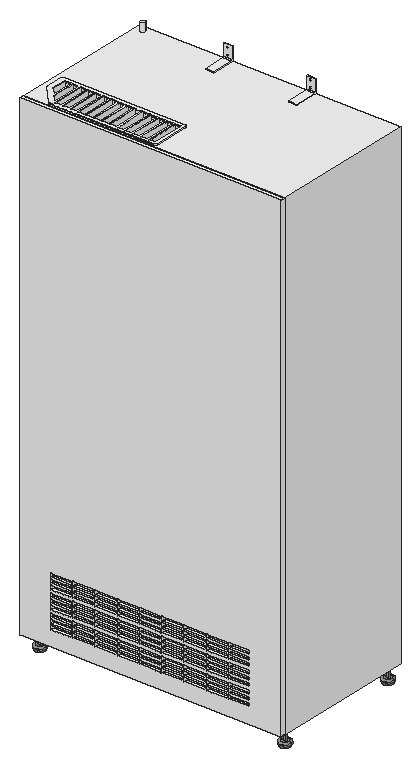
Revit family "AM 950 F HH", category Mechanical Equipment, Revit 2019
Family settings
  Round Connector Dimension = Use Diameter
  Part Type = Normal
  OmniClass Number = 23.75.00.00
  OmniClass Title = Climate Control (HVAC)
  Work Plane-Based = No
  Always vertical = Yes
  Cut with Voids When Loaded = No
  Shared = No
  Room Calculation Point = No
Parameters
  Weight (Standard Unit) = 301.5  # constant formula
  Water Heater Surface Return = 15 mm  # constant formula
  Water Heater Surface IN = 15 mm  # constant formula
  Version = "1.0"
  URL = "www.airmaster-as.com"
  Total Width = 1150 mm  # constant formula
  Total Hight = 2121 mm  # constant formula
  Suply Air In = 315 mm  # constant formula
  Publication date = "16.06.2025"
  Nominal current, electrical preheating surface = "10,0 A"
  Nominal current, electrical comfort heating surface = "7,39 A"
  Maximum current, air handling unit = "2.76 A"
  Network Conection = "AWG 24 CAT 5e STP"
  Model = "AM 950 F HH"
  Max. flow rate 35 dB(A) with ePM10 55% filters = 912.00 m³  # constant formula
  Max. flow rate 35 dB(A) with ePM10 50% filters = 915.00 m³  # constant formula
  Max. flow rate 30 dB(A) with ePM10 55% filters = 715.00 m³  # constant formula
  Max. flow rate 30 dB(A) with ePM10 50% filters = 730.00 m³  # constant formula
  Manufacturer = "Airmaster A/S"
  Maintenance [instance] = no
  Exhaust Air = 315 mm  # constant formula
  Total Depth = 660 mm  # constant formula
  Electrical connection = "220-240V/50Hz, ~1N+PE or 220-240V/50Hz, ~3N+PE"
  Drawn By = "LSB"
  Data sheet = ""
  Condensate conector = "Ø6/9 mm"
  Condensate = 9 mm  # constant formula
  BMS Panel = "(PTS) 2x2x0,6"
  BMS Out = "(PTS) 2x2x0,6"
  BMS IN = "(PTS) 2x2x0,6"
  Airflow area [instance] = no
Reference planes
  plane 1 "Center (Front/Back)": y = 0
  plane 2: z = 0
  plane 3 "Center (Left/Right)": x = 0
  plane 4 "Center L/S": y = -660
  plane 5 "Center L/T": x = -575
  plane 6 "Center L/U": x = 575
  plane 7: y = -26
Forms (mm)
  Extrusion 1, solid, material "AM White"
    sketch origin (0, 0, 73.598) x (1, 0, 0) y (0, 1, 0)
      loop
        line (-575, 0) -> (-575, -640) -> (575, -640) -> (575, 0) -> (-575, 0)
    from 0 to 2120
  Extrusion 2, solid, material "AM White", detail levels fine
    sketch origin (0, -660, 73.598) x (1, 0, 0) y (0, 0, -1)
      loop
        arc (-572.5, 0) -> (-574.268, -0.732) -> (-575, -2.5) r 2.5
        line (-575, -2.5) -> (-575, -2117.5)
        arc (-575, -2117.5) -> (-574.268, -2119.268) -> (-572.5, -2120) r 2.5
        line (-572.5, -2120) -> (572.5, -2120)
        arc (572.5, -2120) -> (574.268, -2119.268) -> (575, -2117.5) r 2.5
        line (575, -2117.5) -> (575, -2.5)
        arc (575, -2.5) -> (574.268, -0.732) -> (572.5, 0) r 2.5
        line (572.5, 0) -> (-572.5, 0)
    from 0 to 20
  Extrusion 3, solid, material "AM White", detail levels fine
    sketch origin (-164, -474.5, 72.198) x (0, 1, 0) y (0, 0, -1)
      loop
        arc (474.5, -2128.4) -> (472.743, -2124.157) -> (468.5, -2122.4) r 6
        line (468.5, -2122.4) -> (369.5, -2122.4) -> (369.5, -2125.4) -> (468.5, -2125.4)
        arc (468.5, -2125.4) -> (470.621, -2126.279) -> (471.5, -2128.4) r 3
        line (471.5, -2128.4) -> (471.5, -2181.4) -> (474.5, -2181.4) -> (474.5, -2128.4)
    from 0 to 38
  Extrusion 4, solid, material "AM White", detail levels fine
    sketch origin (202, -474.5, 72.198) x (0, 1, 0) y (0, 0, -1)
      loop
        arc (474.5, -2128.4) -> (472.743, -2124.157) -> (468.5, -2122.4) r 6
        line (468.5, -2122.4) -> (369.5, -2122.4) -> (369.5, -2125.4) -> (468.5, -2125.4)
        arc (468.5, -2125.4) -> (470.621, -2126.279) -> (471.5, -2128.4) r 3
        line (471.5, -2128.4) -> (471.5, -2181.4) -> (474.5, -2181.4) -> (474.5, -2128.4)
    from 0 to 38
  Extrusion 5, void
    sketch origin (0, -660, 108.598) x (1, 0, 0) y (0, 0, -1)
      loop
        arc (-438.016, -35) -> (-438.712, -35.288) -> (-439, -35.984) r 0.984
        line (-439, -35.984) -> (-439, -53.016)
        arc (-439, -53.016) -> (-438.712, -53.712) -> (-438.016, -54) r 0.984
        line (-438.016, -54) -> (-346.984, -54)
        arc (-346.984, -54) -> (-346.288, -53.712) -> (-346, -53.016) r 0.984
        line (-346, -53.016) -> (-346, -35.984)
        arc (-346, -35.984) -> (-346.288, -35.288) -> (-346.984, -35) r 0.984
        line (-346.984, -35) -> (-438.016, -35)
      loop
        arc (-438.016, -59) -> (-438.712, -59.288) -> (-439, -59.984) r 0.984
        line (-439, -59.984) -> (-439, -77.016)
        arc (-439, -77.016) -> (-438.712, -77.712) -> (-438.016, -78) r 0.984
        line (-438.016, -78) -> (-346.984, -78)
        arc (-346.984, -78) -> (-346.288, -77.712) -> (-346, -77.016) r 0.984
        line (-346, -77.016) -> (-346, -59.984)
        arc (-346, -59.984) -> (-346.288, -59.288) -> (-346.984, -59) r 0.984
        line (-346.984, -59) -> (-438.016, -59)
      loop
        arc (-438.016, -83) -> (-438.712, -83.288) -> (-439, -83.984) r 0.984
        line (-439, -83.984) -> (-439, -101.016)
        arc (-439, -101.016) -> (-438.712, -101.712) -> (-438.016, -102) r 0.984
        line (-438.016, -102) -> (-346.984, -102)
        arc (-346.984, -102) -> (-346.288, -101.712) -> (-346, -101.016) r 0.984
        line (-346, -101.016) -> (-346, -83.984)
        arc (-346, -83.984) -> (-346.288, -83.288) -> (-346.984, -83) r 0.984
        line (-346.984, -83) -> (-438.016, -83)
      loop
        arc (-438.016, -114) -> (-438.712, -114.288) -> (-439, -114.984) r 0.984
        line (-439, -114.984) -> (-439, -132.016)
        arc (-439, -132.016) -> (-438.712, -132.712) -> (-438.016, -133) r 0.984
        line (-438.016, -133) -> (-346.984, -133)
        arc (-346.984, -133) -> (-346.288, -132.712) -> (-346, -132.016) r 0.984
        line (-346, -132.016) -> (-346, -114.984)
        arc (-346, -114.984) -> (-346.288, -114.288) -> (-346.984, -114) r 0.984
        line (-346.984, -114) -> (-438.016, -114)
      loop
        arc (-438.016, -138) -> (-438.712, -138.288) -> (-439, -138.984) r 0.984
        line (-439, -138.984) -> (-439, -156.016)
        arc (-439, -156.016) -> (-438.712, -156.712) -> (-438.016, -157) r 0.984
        line (-438.016, -157) -> (-346.984, -157)
        arc (-346.984, -157) -> (-346.288, -156.712) -> (-346, -156.016) r 0.984
        line (-346, -156.016) -> (-346, -138.984)
        arc (-346, -138.984) -> (-346.288, -138.288) -> (-346.984, -138) r 0.984
        line (-346.984, -138) -> (-438.016, -138)
      loop
        arc (-438.016, -162) -> (-438.712, -162.288) -> (-439, -162.984) r 0.984
        line (-439, -162.984) -> (-439, -180.016)
        arc (-439, -180.016) -> (-438.712, -180.712) -> (-438.016, -181) r 0.984
        line (-438.016, -181) -> (-346.984, -181)
        arc (-346.984, -181) -> (-346.288, -180.712) -> (-346, -180.016) r 0.984
        line (-346, -180.016) -> (-346, -162.984)
        arc (-346, -162.984) -> (-346.288, -162.288) -> (-346.984, -162) r 0.984
        line (-346.984, -162) -> (-438.016, -162)
      loop
        arc (-438.016, -193) -> (-438.712, -193.288) -> (-439, -193.984) r 0.984
        line (-439, -193.984) -> (-439, -211.016)
        arc (-439, -211.016) -> (-438.712, -211.712) -> (-438.016, -212) r 0.984
        line (-438.016, -212) -> (-346.984, -212)
        arc (-346.984, -212) -> (-346.288, -211.712) -> (-346, -211.016) r 0.984
        line (-346, -211.016) -> (-346, -193.984)
        arc (-346, -193.984) -> (-346.288, -193.288) -> (-346.984, -193) r 0.984
        line (-346.984, -193) -> (-438.016, -193)
      loop
        arc (-438.016, -217) -> (-438.712, -217.288) -> (-439, -217.984) r 0.984
        line (-439, -217.984) -> (-439, -235.016)
        arc (-439, -235.016) -> (-438.712, -235.712) -> (-438.016, -236) r 0.984
        line (-438.016, -236) -> (-346.984, -236)
        arc (-346.984, -236) -> (-346.288, -235.712) -> (-346, -235.016) r 0.984
        line (-346, -235.016) -> (-346, -217.984)
        arc (-346, -217.984) -> (-346.288, -217.288) -> (-346.984, -217) r 0.984
        line (-346.984, -217) -> (-438.016, -217)
      loop
        arc (-438.016, -241) -> (-438.712, -241.288) -> (-439, -241.984) r 0.984
        line (-439, -241.984) -> (-439, -259.016)
        arc (-439, -259.016) -> (-438.712, -259.712) -> (-438.016, -260) r 0.984
        line (-438.016, -260) -> (-346.984, -260)
        arc (-346.984, -260) -> (-346.288, -259.712) -> (-346, -259.016) r 0.984
        line (-346, -259.016) -> (-346, -241.984)
        arc (-346, -241.984) -> (-346.288, -241.288) -> (-346.984, -241) r 0.984
        line (-346.984, -241) -> (-438.016, -241)
      loop
        arc (-340.016, -35) -> (-340.712, -35.288) -> (-341, -35.984) r 0.984
        line (-341, -35.984) -> (-341, -53.016)
        arc (-341, -53.016) -> (-340.712, -53.712) -> (-340.016, -54) r 0.984
        line (-340.016, -54) -> (-248.984, -54)
        arc (-248.984, -54) -> (-248.288, -53.712) -> (-248, -53.016) r 0.984
        line (-248, -53.016) -> (-248, -35.984)
        arc (-248, -35.984) -> (-248.288, -35.288) -> (-248.984, -35) r 0.984
        line (-248.984, -35) -> (-340.016, -35)
      loop
        arc (-340.016, -59) -> (-340.712, -59.288) -> (-341, -59.984) r 0.984
        line (-341, -59.984) -> (-341, -77.016)
        arc (-341, -77.016) -> (-340.712, -77.712) -> (-340.016, -78) r 0.984
        line (-340.016, -78) -> (-248.984, -78)
        arc (-248.984, -78) -> (-248.288, -77.712) -> (-248, -77.016) r 0.984
        line (-248, -77.016) -> (-248, -59.984)
        arc (-248, -59.984) -> (-248.288, -59.288) -> (-248.984, -59) r 0.984
        line (-248.984, -59) -> (-340.016, -59)
      loop
        arc (-340.016, -83) -> (-340.712, -83.288) -> (-341, -83.984) r 0.984
        line (-341, -83.984) -> (-341, -101.016)
        arc (-341, -101.016) -> (-340.712, -101.712) -> (-340.016, -102) r 0.984
        line (-340.016, -102) -> (-248.984, -102)
        arc (-248.984, -102) -> (-248.288, -101.712) -> (-248, -101.016) r 0.984
        line (-248, -101.016) -> (-248, -83.984)
        arc (-248, -83.984) -> (-248.288, -83.288) -> (-248.984, -83) r 0.984
        line (-248.984, -83) -> (-340.016, -83)
      loop
        arc (-340.016, -114) -> (-340.712, -114.288) -> (-341, -114.984) r 0.984
        line (-341, -114.984) -> (-341, -132.016)
        arc (-341, -132.016) -> (-340.712, -132.712) -> (-340.016, -133) r 0.984
        line (-340.016, -133) -> (-248.984, -133)
        arc (-248.984, -133) -> (-248.288, -132.712) -> (-248, -132.016) r 0.984
        line (-248, -132.016) -> (-248, -114.984)
        arc (-248, -114.984) -> (-248.288, -114.288) -> (-248.984, -114) r 0.984
        line (-248.984, -114) -> (-340.016, -114)
      loop
        arc (-340.016, -138) -> (-340.712, -138.288) -> (-341, -138.984) r 0.984
        line (-341, -138.984) -> (-341, -156.016)
        arc (-341, -156.016) -> (-340.712, -156.712) -> (-340.016, -157) r 0.984
        line (-340.016, -157) -> (-248.984, -157)
        arc (-248.984, -157) -> (-248.288, -156.712) -> (-248, -156.016) r 0.984
        line (-248, -156.016) -> (-248, -138.984)
        arc (-248, -138.984) -> (-248.288, -138.288) -> (-248.984, -138) r 0.984
        line (-248.984, -138) -> (-340.016, -138)
      loop
        arc (-340.016, -162) -> (-340.712, -162.288) -> (-341, -162.984) r 0.984
        line (-341, -162.984) -> (-341, -180.016)
        arc (-341, -180.016) -> (-340.712, -180.712) -> (-340.016, -181) r 0.984
        line (-340.016, -181) -> (-248.984, -181)
        arc (-248.984, -181) -> (-248.288, -180.712) -> (-248, -180.016) r 0.984
        line (-248, -180.016) -> (-248, -162.984)
        arc (-248, -162.984) -> (-248.288, -162.288) -> (-248.984, -162) r 0.984
        line (-248.984, -162) -> (-340.016, -162)
      loop
        arc (-340.016, -193) -> (-340.712, -193.288) -> (-341, -193.984) r 0.984
        line (-341, -193.984) -> (-341, -211.016)
        arc (-341, -211.016) -> (-340.712, -211.712) -> (-340.016, -212) r 0.984
        line (-340.016, -212) -> (-248.984, -212)
        arc (-248.984, -212) -> (-248.288, -211.712) -> (-248, -211.016) r 0.984
        line (-248, -211.016) -> (-248, -193.984)
        arc (-248, -193.984) -> (-248.288, -193.288) -> (-248.984, -193) r 0.984
        line (-248.984, -193) -> (-340.016, -193)
      loop
        arc (-340.016, -217) -> (-340.712, -217.288) -> (-341, -217.984) r 0.984
        line (-341, -217.984) -> (-341, -235.016)
        arc (-341, -235.016) -> (-340.712, -235.712) -> (-340.016, -236) r 0.984
        line (-340.016, -236) -> (-248.984, -236)
        arc (-248.984, -236) -> (-248.288, -235.712) -> (-248, -235.016) r 0.984
        line (-248, -235.016) -> (-248, -217.984)
        arc (-248, -217.984) -> (-248.288, -217.288) -> (-248.984, -217) r 0.984
        line (-248.984, -217) -> (-340.016, -217)
      loop
        arc (-340.016, -241) -> (-340.712, -241.288) -> (-341, -241.984) r 0.984
        line (-341, -241.984) -> (-341, -259.016)
        arc (-341, -259.016) -> (-340.712, -259.712) -> (-340.016, -260) r 0.984
        line (-340.016, -260) -> (-248.984, -260)
        arc (-248.984, -260) -> (-248.288, -259.712) -> (-248, -259.016) r 0.984
        line (-248, -259.016) -> (-248, -241.984)
        arc (-248, -241.984) -> (-248.288, -241.288) -> (-248.984, -241) r 0.984
        line (-248.984, -241) -> (-340.016, -241)
      loop
        arc (-242.016, -35) -> (-242.712, -35.288) -> (-243, -35.984) r 0.984
        line (-243, -35.984) -> (-243, -53.016)
        arc (-243, -53.016) -> (-242.712, -53.712) -> (-242.016, -54) r 0.984
        line (-242.016, -54) -> (-150.984, -54)
        arc (-150.984, -54) -> (-150.288, -53.712) -> (-150, -53.016) r 0.984
        line (-150, -53.016) -> (-150, -35.984)
        arc (-150, -35.984) -> (-150.288, -35.288) -> (-150.984, -35) r 0.984
        line (-150.984, -35) -> (-242.016, -35)
      loop
        arc (-242.016, -59) -> (-242.712, -59.288) -> (-243, -59.984) r 0.984
        line (-243, -59.984) -> (-243, -77.016)
        arc (-243, -77.016) -> (-242.712, -77.712) -> (-242.016, -78) r 0.984
        line (-242.016, -78) -> (-150.984, -78)
        arc (-150.984, -78) -> (-150.288, -77.712) -> (-150, -77.016) r 0.984
        line (-150, -77.016) -> (-150, -59.984)
        arc (-150, -59.984) -> (-150.288, -59.288) -> (-150.984, -59) r 0.984
        line (-150.984, -59) -> (-242.016, -59)
      loop
        arc (-242.016, -83) -> (-242.712, -83.288) -> (-243, -83.984) r 0.984
        line (-243, -83.984) -> (-243, -101.016)
        arc (-243, -101.016) -> (-242.712, -101.712) -> (-242.016, -102) r 0.984
        line (-242.016, -102) -> (-150.984, -102)
        arc (-150.984, -102) -> (-150.288, -101.712) -> (-150, -101.016) r 0.984
        line (-150, -101.016) -> (-150, -83.984)
        arc (-150, -83.984) -> (-150.288, -83.288) -> (-150.984, -83) r 0.984
        line (-150.984, -83) -> (-242.016, -83)
      loop
        arc (-242.016, -114) -> (-242.712, -114.288) -> (-243, -114.984) r 0.984
        line (-243, -114.984) -> (-243, -132.016)
        arc (-243, -132.016) -> (-242.712, -132.712) -> (-242.016, -133) r 0.984
        line (-242.016, -133) -> (-150.984, -133)
        arc (-150.984, -133) -> (-150.288, -132.712) -> (-150, -132.016) r 0.984
        line (-150, -132.016) -> (-150, -114.984)
        arc (-150, -114.984) -> (-150.288, -114.288) -> (-150.984, -114) r 0.984
        line (-150.984, -114) -> (-242.016, -114)
      loop
        arc (-242.016, -138) -> (-242.712, -138.288) -> (-243, -138.984) r 0.984
        line (-243, -138.984) -> (-243, -156.016)
        arc (-243, -156.016) -> (-242.712, -156.712) -> (-242.016, -157) r 0.984
        line (-242.016, -157) -> (-150.984, -157)
        arc (-150.984, -157) -> (-150.288, -156.712) -> (-150, -156.016) r 0.984
        line (-150, -156.016) -> (-150, -138.984)
        arc (-150, -138.984) -> (-150.288, -138.288) -> (-150.984, -138) r 0.984
        line (-150.984, -138) -> (-242.016, -138)
      loop
        arc (-242.016, -162) -> (-242.712, -162.288) -> (-243, -162.984) r 0.984
        line (-243, -162.984) -> (-243, -180.016)
        arc (-243, -180.016) -> (-242.712, -180.712) -> (-242.016, -181) r 0.984
        line (-242.016, -181) -> (-150.984, -181)
        arc (-150.984, -181) -> (-150.288, -180.712) -> (-150, -180.016) r 0.984
        line (-150, -180.016) -> (-150, -162.984)
        arc (-150, -162.984) -> (-150.288, -162.288) -> (-150.984, -162) r 0.984
        line (-150.984, -162) -> (-242.016, -162)
      loop
        arc (-242.016, -193) -> (-242.712, -193.288) -> (-243, -193.984) r 0.984
        line (-243, -193.984) -> (-243, -211.016)
        arc (-243, -211.016) -> (-242.712, -211.712) -> (-242.016, -212) r 0.984
        line (-242.016, -212) -> (-150.984, -212)
        arc (-150.984, -212) -> (-150.288, -211.712) -> (-150, -211.016) r 0.984
        line (-150, -211.016) -> (-150, -193.984)
        arc (-150, -193.984) -> (-150.288, -193.288) -> (-150.984, -193) r 0.984
        line (-150.984, -193) -> (-242.016, -193)
      loop
        arc (-242.016, -217) -> (-242.712, -217.288) -> (-243, -217.984) r 0.984
        line (-243, -217.984) -> (-243, -235.016)
        arc (-243, -235.016) -> (-242.712, -235.712) -> (-242.016, -236) r 0.984
        line (-242.016, -236) -> (-150.984, -236)
        arc (-150.984, -236) -> (-150.288, -235.712) -> (-150, -235.016) r 0.984
        line (-150, -235.016) -> (-150, -217.984)
        arc (-150, -217.984) -> (-150.288, -217.288) -> (-150.984, -217) r 0.984
        line (-150.984, -217) -> (-242.016, -217)
      loop
        arc (-242.016, -241) -> (-242.712, -241.288) -> (-243, -241.984) r 0.984
        line (-243, -241.984) -> (-243, -259.016)
        arc (-243, -259.016) -> (-242.712, -259.712) -> (-242.016, -260) r 0.984
        line (-242.016, -260) -> (-150.984, -260)
        arc (-150.984, -260) -> (-150.288, -259.712) -> (-150, -259.016) r 0.984
        line (-150, -259.016) -> (-150, -241.984)
        arc (-150, -241.984) -> (-150.288, -241.288) -> (-150.984, -241) r 0.984
        line (-150.984, -241) -> (-242.016, -241)
      loop
        arc (-144.016, -35) -> (-144.712, -35.288) -> (-145, -35.984) r 0.984
        line (-145, -35.984) -> (-145, -53.016)
        arc (-145, -53.016) -> (-144.712, -53.712) -> (-144.016, -54) r 0.984
        line (-144.016, -54) -> (-52.984, -54)
        arc (-52.984, -54) -> (-52.288, -53.712) -> (-52, -53.016) r 0.984
        line (-52, -53.016) -> (-52, -35.984)
        arc (-52, -35.984) -> (-52.288, -35.288) -> (-52.984, -35) r 0.984
        line (-52.984, -35) -> (-144.016, -35)
      loop
        arc (-144.016, -59) -> (-144.712, -59.288) -> (-145, -59.984) r 0.984
        line (-145, -59.984) -> (-145, -77.016)
        arc (-145, -77.016) -> (-144.712, -77.712) -> (-144.016, -78) r 0.984
        line (-144.016, -78) -> (-52.984, -78)
        arc (-52.984, -78) -> (-52.288, -77.712) -> (-52, -77.016) r 0.984
        line (-52, -77.016) -> (-52, -59.984)
        arc (-52, -59.984) -> (-52.288, -59.288) -> (-52.984, -59) r 0.984
        line (-52.984, -59) -> (-144.016, -59)
      loop
        arc (-144.016, -83) -> (-144.712, -83.288) -> (-145, -83.984) r 0.984
        line (-145, -83.984) -> (-145, -101.016)
        arc (-145, -101.016) -> (-144.712, -101.712) -> (-144.016, -102) r 0.984
        line (-144.016, -102) -> (-52.984, -102)
        arc (-52.984, -102) -> (-52.288, -101.712) -> (-52, -101.016) r 0.984
        line (-52, -101.016) -> (-52, -83.984)
        arc (-52, -83.984) -> (-52.288, -83.288) -> (-52.984, -83) r 0.984
        line (-52.984, -83) -> (-144.016, -83)
      loop
        arc (-144.016, -114) -> (-144.712, -114.288) -> (-145, -114.984) r 0.984
        line (-145, -114.984) -> (-145, -132.016)
        arc (-145, -132.016) -> (-144.712, -132.712) -> (-144.016, -133) r 0.984
        line (-144.016, -133) -> (-52.984, -133)
        arc (-52.984, -133) -> (-52.288, -132.712) -> (-52, -132.016) r 0.984
        line (-52, -132.016) -> (-52, -114.984)
        arc (-52, -114.984) -> (-52.288, -114.288) -> (-52.984, -114) r 0.984
        line (-52.984, -114) -> (-144.016, -114)
      loop
        arc (-144.016, -138) -> (-144.712, -138.288) -> (-145, -138.984) r 0.984
        line (-145, -138.984) -> (-145, -156.016)
        arc (-145, -156.016) -> (-144.712, -156.712) -> (-144.016, -157) r 0.984
        line (-144.016, -157) -> (-52.984, -157)
        arc (-52.984, -157) -> (-52.288, -156.712) -> (-52, -156.016) r 0.984
        line (-52, -156.016) -> (-52, -138.984)
        arc (-52, -138.984) -> (-52.288, -138.288) -> (-52.984, -138) r 0.984
        line (-52.984, -138) -> (-144.016, -138)
      loop
        arc (-144.016, -162) -> (-144.712, -162.288) -> (-145, -162.984) r 0.984
        line (-145, -162.984) -> (-145, -180.016)
        arc (-145, -180.016) -> (-144.712, -180.712) -> (-144.016, -181) r 0.984
        line (-144.016, -181) -> (-52.984, -181)
        arc (-52.984, -181) -> (-52.288, -180.712) -> (-52, -180.016) r 0.984
        line (-52, -180.016) -> (-52, -162.984)
        arc (-52, -162.984) -> (-52.288, -162.288) -> (-52.984, -162) r 0.984
        line (-52.984, -162) -> (-144.016, -162)
      loop
        arc (-144.016, -193) -> (-144.712, -193.288) -> (-145, -193.984) r 0.984
        line (-145, -193.984) -> (-145, -211.016)
        arc (-145, -211.016) -> (-144.712, -211.712) -> (-144.016, -212) r 0.984
        line (-144.016, -212) -> (-52.984, -212)
        arc (-52.984, -212) -> (-52.288, -211.712) -> (-52, -211.016) r 0.984
        line (-52, -211.016) -> (-52, -193.984)
        arc (-52, -193.984) -> (-52.288, -193.288) -> (-52.984, -193) r 0.984
        line (-52.984, -193) -> (-144.016, -193)
      loop
        arc (-144.016, -217) -> (-144.712, -217.288) -> (-145, -217.984) r 0.984
        line (-145, -217.984) -> (-145, -235.016)
        arc (-145, -235.016) -> (-144.712, -235.712) -> (-144.016, -236) r 0.984
        line (-144.016, -236) -> (-52.984, -236)
        arc (-52.984, -236) -> (-52.288, -235.712) -> (-52, -235.016) r 0.984
        line (-52, -235.016) -> (-52, -217.984)
        arc (-52, -217.984) -> (-52.288, -217.288) -> (-52.984, -217) r 0.984
        line (-52.984, -217) -> (-144.016, -217)
      loop
        arc (-144.016, -241) -> (-144.712, -241.288) -> (-145, -241.984) r 0.984
        line (-145, -241.984) -> (-145, -259.016)
        arc (-145, -259.016) -> (-144.712, -259.712) -> (-144.016, -260) r 0.984
        line (-144.016, -260) -> (-52.984, -260)
        arc (-52.984, -260) -> (-52.288, -259.712) -> (-52, -259.016) r 0.984
        line (-52, -259.016) -> (-52, -241.984)
        arc (-52, -241.984) -> (-52.288, -241.288) -> (-52.984, -241) r 0.984
        line (-52.984, -241) -> (-144.016, -241)
      loop
        arc (-46.016, -35) -> (-46.712, -35.288) -> (-47, -35.984) r 0.984
        line (-47, -35.984) -> (-47, -53.016)
        arc (-47, -53.016) -> (-46.712, -53.712) -> (-46.016, -54) r 0.984
        line (-46.016, -54) -> (45.016, -54)
        arc (45.016, -54) -> (45.712, -53.712) -> (46, -53.016) r 0.984
        line (46, -53.016) -> (46, -35.984)
        arc (46, -35.984) -> (45.712, -35.288) -> (45.016, -35) r 0.984
        line (45.016, -35) -> (-46.016, -35)
      loop
        arc (-46.016, -59) -> (-46.712, -59.288) -> (-47, -59.984) r 0.984
        line (-47, -59.984) -> (-47, -77.016)
        arc (-47, -77.016) -> (-46.712, -77.712) -> (-46.016, -78) r 0.984
        line (-46.016, -78) -> (45.016, -78)
        arc (45.016, -78) -> (45.712, -77.712) -> (46, -77.016) r 0.984
        line (46, -77.016) -> (46, -59.984)
        arc (46, -59.984) -> (45.712, -59.288) -> (45.016, -59) r 0.984
        line (45.016, -59) -> (-46.016, -59)
      loop
        arc (-46.016, -83) -> (-46.712, -83.288) -> (-47, -83.984) r 0.984
        line (-47, -83.984) -> (-47, -101.016)
        arc (-47, -101.016) -> (-46.712, -101.712) -> (-46.016, -102) r 0.984
        line (-46.016, -102) -> (45.016, -102)
        arc (45.016, -102) -> (45.712, -101.712) -> (46, -101.016) r 0.984
        line (46, -101.016) -> (46, -83.984)
        arc (46, -83.984) -> (45.712, -83.288) -> (45.016, -83) r 0.984
        line (45.016, -83) -> (-46.016, -83)
      loop
        arc (-46.016, -114) -> (-46.712, -114.288) -> (-47, -114.984) r 0.984
        line (-47, -114.984) -> (-47, -132.016)
        arc (-47, -132.016) -> (-46.712, -132.712) -> (-46.016, -133) r 0.984
        line (-46.016, -133) -> (45.016, -133)
        arc (45.016, -133) -> (45.712, -132.712) -> (46, -132.016) r 0.984
        line (46, -132.016) -> (46, -114.984)
        arc (46, -114.984) -> (45.712, -114.288) -> (45.016, -114) r 0.984
        line (45.016, -114) -> (-46.016, -114)
      loop
        arc (-46.016, -138) -> (-46.712, -138.288) -> (-47, -138.984) r 0.984
        line (-47, -138.984) -> (-47, -156.016)
        arc (-47, -156.016) -> (-46.712, -156.712) -> (-46.016, -157) r 0.984
        line (-46.016, -157) -> (45.016, -157)
        arc (45.016, -157) -> (45.712, -156.712) -> (46, -156.016) r 0.984
        line (46, -156.016) -> (46, -138.984)
        arc (46, -138.984) -> (45.712, -138.288) -> (45.016, -138) r 0.984
        line (45.016, -138) -> (-46.016, -138)
      loop
        arc (-46.016, -162) -> (-46.712, -162.288) -> (-47, -162.984) r 0.984
        line (-47, -162.984) -> (-47, -180.016)
        arc (-47, -180.016) -> (-46.712, -180.712) -> (-46.016, -181) r 0.984
        line (-46.016, -181) -> (45.016, -181)
        arc (45.016, -181) -> (45.712, -180.712) -> (46, -180.016) r 0.984
        line (46, -180.016) -> (46, -162.984)
        arc (46, -162.984) -> (45.712, -162.288) -> (45.016, -162) r 0.984
        line (45.016, -162) -> (-46.016, -162)
      loop
        arc (-46.016, -193) -> (-46.712, -193.288) -> (-47, -193.984) r 0.984
        line (-47, -193.984) -> (-47, -211.016)
        arc (-47, -211.016) -> (-46.712, -211.712) -> (-46.016, -212) r 0.984
        line (-46.016, -212) -> (45.016, -212)
        arc (45.016, -212) -> (45.712, -211.712) -> (46, -211.016) r 0.984
        line (46, -211.016) -> (46, -193.984)
        arc (46, -193.984) -> (45.712, -193.288) -> (45.016, -193) r 0.984
        line (45.016, -193) -> (-46.016, -193)
      loop
        arc (-46.016, -217) -> (-46.712, -217.288) -> (-47, -217.984) r 0.984
        line (-47, -217.984) -> (-47, -235.016)
        arc (-47, -235.016) -> (-46.712, -235.712) -> (-46.016, -236) r 0.984
        line (-46.016, -236) -> (45.016, -236)
        arc (45.016, -236) -> (45.712, -235.712) -> (46, -235.016) r 0.984
        line (46, -235.016) -> (46, -217.984)
        arc (46, -217.984) -> (45.712, -217.288) -> (45.016, -217) r 0.984
        line (45.016, -217) -> (-46.016, -217)
      loop
        arc (-46.016, -241) -> (-46.712, -241.288) -> (-47, -241.984) r 0.984
        line (-47, -241.984) -> (-47, -259.016)
        arc (-47, -259.016) -> (-46.712, -259.712) -> (-46.016, -260) r 0.984
        line (-46.016, -260) -> (45.016, -260)
        arc (45.016, -260) -> (45.712, -259.712) -> (46, -259.016) r 0.984
        line (46, -259.016) -> (46, -241.984)
        arc (46, -241.984) -> (45.712, -241.288) -> (45.016, -241) r 0.984
        line (45.016, -241) -> (-46.016, -241)
      loop
        arc (51.984, -35) -> (51.288, -35.288) -> (51, -35.984) r 0.984
        line (51, -35.984) -> (51, -53.016)
        arc (51, -53.016) -> (51.288, -53.712) -> (51.984, -54) r 0.984
        line (51.984, -54) -> (143.016, -54)
        arc (143.016, -54) -> (143.712, -53.712) -> (144, -53.016) r 0.984
        line (144, -53.016) -> (144, -35.984)
        arc (144, -35.984) -> (143.712, -35.288) -> (143.016, -35) r 0.984
        line (143.016, -35) -> (51.984, -35)
      loop
        arc (51.984, -59) -> (51.288, -59.288) -> (51, -59.984) r 0.984
        line (51, -59.984) -> (51, -77.016)
        arc (51, -77.016) -> (51.288, -77.712) -> (51.984, -78) r 0.984
        line (51.984, -78) -> (143.016, -78)
        arc (143.016, -78) -> (143.712, -77.712) -> (144, -77.016) r 0.984
        line (144, -77.016) -> (144, -59.984)
        arc (144, -59.984) -> (143.712, -59.288) -> (143.016, -59) r 0.984
        line (143.016, -59) -> (51.984, -59)
      loop
        arc (51.984, -83) -> (51.288, -83.288) -> (51, -83.984) r 0.984
        line (51, -83.984) -> (51, -101.016)
        arc (51, -101.016) -> (51.288, -101.712) -> (51.984, -102) r 0.984
        line (51.984, -102) -> (143.016, -102)
        arc (143.016, -102) -> (143.712, -101.712) -> (144, -101.016) r 0.984
        line (144, -101.016) -> (144, -83.984)
        arc (144, -83.984) -> (143.712, -83.288) -> (143.016, -83) r 0.984
        line (143.016, -83) -> (51.984, -83)
      loop
        arc (51.984, -114) -> (51.288, -114.288) -> (51, -114.984) r 0.984
        line (51, -114.984) -> (51, -132.016)
        arc (51, -132.016) -> (51.288, -132.712) -> (51.984, -133) r 0.984
        line (51.984, -133) -> (143.016, -133)
        arc (143.016, -133) -> (143.712, -132.712) -> (144, -132.016) r 0.984
        line (144, -132.016) -> (144, -114.984)
        arc (144, -114.984) -> (143.712, -114.288) -> (143.016, -114) r 0.984
        line (143.016, -114) -> (51.984, -114)
      loop
        arc (51.984, -138) -> (51.288, -138.288) -> (51, -138.984) r 0.984
        line (51, -138.984) -> (51, -156.016)
        arc (51, -156.016) -> (51.288, -156.712) -> (51.984, -157) r 0.984
        line (51.984, -157) -> (143.016, -157)
        arc (143.016, -157) -> (143.712, -156.712) -> (144, -156.016) r 0.984
        line (144, -156.016) -> (144, -138.984)
        arc (144, -138.984) -> (143.712, -138.288) -> (143.016, -138) r 0.984
        line (143.016, -138) -> (51.984, -138)
      loop
        arc (51.984, -162) -> (51.288, -162.288) -> (51, -162.984) r 0.984
        line (51, -162.984) -> (51, -180.016)
        arc (51, -180.016) -> (51.288, -180.712) -> (51.984, -181) r 0.984
        line (51.984, -181) -> (143.016, -181)
        arc (143.016, -181) -> (143.712, -180.712) -> (144, -180.016) r 0.984
        line (144, -180.016) -> (144, -162.984)
        arc (144, -162.984) -> (143.712, -162.288) -> (143.016, -162) r 0.984
        line (143.016, -162) -> (51.984, -162)
      loop
        arc (51.984, -193) -> (51.288, -193.288) -> (51, -193.984) r 0.984
        line (51, -193.984) -> (51, -211.016)
        arc (51, -211.016) -> (51.288, -211.712) -> (51.984, -212) r 0.984
        line (51.984, -212) -> (143.016, -212)
        arc (143.016, -212) -> (143.712, -211.712) -> (144, -211.016) r 0.984
        line (144, -211.016) -> (144, -193.984)
        arc (144, -193.984) -> (143.712, -193.288) -> (143.016, -193) r 0.984
        line (143.016, -193) -> (51.984, -193)
      loop
        arc (51.984, -217) -> (51.288, -217.288) -> (51, -217.984) r 0.984
        line (51, -217.984) -> (51, -235.016)
        arc (51, -235.016) -> (51.288, -235.712) -> (51.984, -236) r 0.984
        line (51.984, -236) -> (143.016, -236)
        arc (143.016, -236) -> (143.712, -235.712) -> (144, -235.016) r 0.984
        line (144, -235.016) -> (144, -217.984)
        arc (144, -217.984) -> (143.712, -217.288) -> (143.016, -217) r 0.984
        line (143.016, -217) -> (51.984, -217)
      loop
        arc (51.984, -241) -> (51.288, -241.288) -> (51, -241.984) r 0.984
        line (51, -241.984) -> (51, -259.016)
        arc (51, -259.016) -> (51.288, -259.712) -> (51.984, -260) r 0.984
        line (51.984, -260) -> (143.016, -260)
        arc (143.016, -260) -> (143.712, -259.712) -> (144, -259.016) r 0.984
        line (144, -259.016) -> (144, -241.984)
        arc (144, -241.984) -> (143.712, -241.288) -> (143.016, -241) r 0.984
        line (143.016, -241) -> (51.984, -241)
      loop
        arc (149.984, -35) -> (149.288, -35.288) -> (149, -35.984) r 0.984
        line (149, -35.984) -> (149, -53.016)
        arc (149, -53.016) -> (149.288, -53.712) -> (149.984, -54) r 0.984
        line (149.984, -54) -> (241.016, -54)
        arc (241.016, -54) -> (241.712, -53.712) -> (242, -53.016) r 0.984
        line (242, -53.016) -> (242, -35.984)
        arc (242, -35.984) -> (241.712, -35.288) -> (241.016, -35) r 0.984
        line (241.016, -35) -> (149.984, -35)
      loop
        arc (149.984, -59) -> (149.288, -59.288) -> (149, -59.984) r 0.984
        line (149, -59.984) -> (149, -77.016)
        arc (149, -77.016) -> (149.288, -77.712) -> (149.984, -78) r 0.984
        line (149.984, -78) -> (241.016, -78)
        arc (241.016, -78) -> (241.712, -77.712) -> (242, -77.016) r 0.984
        line (242, -77.016) -> (242, -59.984)
        arc (242, -59.984) -> (241.712, -59.288) -> (241.016, -59) r 0.984
        line (241.016, -59) -> (149.984, -59)
      loop
        arc (149.984, -83) -> (149.288, -83.288) -> (149, -83.984) r 0.984
        line (149, -83.984) -> (149, -101.016)
        arc (149, -101.016) -> (149.288, -101.712) -> (149.984, -102) r 0.984
        line (149.984, -102) -> (241.016, -102)
        arc (241.016, -102) -> (241.712, -101.712) -> (242, -101.016) r 0.984
        line (242, -101.016) -> (242, -83.984)
        arc (242, -83.984) -> (241.712, -83.288) -> (241.016, -83) r 0.984
        line (241.016, -83) -> (149.984, -83)
      loop
        arc (149.984, -114) -> (149.288, -114.288) -> (149, -114.984) r 0.984
        line (149, -114.984) -> (149, -132.016)
        arc (149, -132.016) -> (149.288, -132.712) -> (149.984, -133) r 0.984
        line (149.984, -133) -> (241.016, -133)
        arc (241.016, -133) -> (241.712, -132.712) -> (242, -132.016) r 0.984
        line (242, -132.016) -> (242, -114.984)
        arc (242, -114.984) -> (241.712, -114.288) -> (241.016, -114) r 0.984
        line (241.016, -114) -> (149.984, -114)
      loop
        arc (149.984, -138) -> (149.288, -138.288) -> (149, -138.984) r 0.984
        line (149, -138.984) -> (149, -156.016)
        arc (149, -156.016) -> (149.288, -156.712) -> (149.984, -157) r 0.984
        line (149.984, -157) -> (241.016, -157)
        arc (241.016, -157) -> (241.712, -156.712) -> (242, -156.016) r 0.984
        line (242, -156.016) -> (242, -138.984)
        arc (242, -138.984) -> (241.712, -138.288) -> (241.016, -138) r 0.984
        line (241.016, -138) -> (149.984, -138)
      loop
        arc (149.984, -162) -> (149.288, -162.288) -> (149, -162.984) r 0.984
        line (149, -162.984) -> (149, -180.016)
        arc (149, -180.016) -> (149.288, -180.712) -> (149.984, -181) r 0.984
        line (149.984, -181) -> (241.016, -181)
        arc (241.016, -181) -> (241.712, -180.712) -> (242, -180.016) r 0.984
        line (242, -180.016) -> (242, -162.984)
        arc (242, -162.984) -> (241.712, -162.288) -> (241.016, -162) r 0.984
        line (241.016, -162) -> (149.984, -162)
      loop
        arc (149.984, -193) -> (149.288, -193.288) -> (149, -193.984) r 0.984
        line (149, -193.984) -> (149, -211.016)
        arc (149, -211.016) -> (149.288, -211.712) -> (149.984, -212) r 0.984
        line (149.984, -212) -> (241.016, -212)
        arc (241.016, -212) -> (241.712, -211.712) -> (242, -211.016) r 0.984
        line (242, -211.016) -> (242, -193.984)
        arc (242, -193.984) -> (241.712, -193.288) -> (241.016, -193) r 0.984
        line (241.016, -193) -> (149.984, -193)
      loop
        arc (149.984, -217) -> (149.288, -217.288) -> (149, -217.984) r 0.984
        line (149, -217.984) -> (149, -235.016)
        arc (149, -235.016) -> (149.288, -235.712) -> (149.984, -236) r 0.984
        line (149.984, -236) -> (241.016, -236)
        arc (241.016, -236) -> (241.712, -235.712) -> (242, -235.016) r 0.984
        line (242, -235.016) -> (242, -217.984)
        arc (242, -217.984) -> (241.712, -217.288) -> (241.016, -217) r 0.984
        line (241.016, -217) -> (149.984, -217)
      loop
        arc (149.984, -241) -> (149.288, -241.288) -> (149, -241.984) r 0.984
        line (149, -241.984) -> (149, -259.016)
        arc (149, -259.016) -> (149.288, -259.712) -> (149.984, -260) r 0.984
        line (149.984, -260) -> (241.016, -260)
        arc (241.016, -260) -> (241.712, -259.712) -> (242, -259.016) r 0.984
        line (242, -259.016) -> (242, -241.984)
        arc (242, -241.984) -> (241.712, -241.288) -> (241.016, -241) r 0.984
        line (241.016, -241) -> (149.984, -241)
      loop
        arc (247.984, -35) -> (247.288, -35.288) -> (247, -35.984) r 0.984
        line (247, -35.984) -> (247, -53.016)
        arc (247, -53.016) -> (247.288, -53.712) -> (247.984, -54) r 0.984
        line (247.984, -54) -> (339.016, -54)
        arc (339.016, -54) -> (339.712, -53.712) -> (340, -53.016) r 0.984
        line (340, -53.016) -> (340, -35.984)
        arc (340, -35.984) -> (339.712, -35.288) -> (339.016, -35) r 0.984
        line (339.016, -35) -> (247.984, -35)
      loop
        arc (247.984, -59) -> (247.288, -59.288) -> (247, -59.984) r 0.984
        line (247, -59.984) -> (247, -77.016)
        arc (247, -77.016) -> (247.288, -77.712) -> (247.984, -78) r 0.984
        line (247.984, -78) -> (339.016, -78)
        arc (339.016, -78) -> (339.712, -77.712) -> (340, -77.016) r 0.984
        line (340, -77.016) -> (340, -59.984)
        arc (340, -59.984) -> (339.712, -59.288) -> (339.016, -59) r 0.984
        line (339.016, -59) -> (247.984, -59)
      loop
        arc (247.984, -83) -> (247.288, -83.288) -> (247, -83.984) r 0.984
        line (247, -83.984) -> (247, -101.016)
        arc (247, -101.016) -> (247.288, -101.712) -> (247.984, -102) r 0.984
        line (247.984, -102) -> (339.016, -102)
        arc (339.016, -102) -> (339.712, -101.712) -> (340, -101.016) r 0.984
        line (340, -101.016) -> (340, -83.984)
        arc (340, -83.984) -> (339.712, -83.288) -> (339.016, -83) r 0.984
        line (339.016, -83) -> (247.984, -83)
      loop
        arc (247.984, -114) -> (247.288, -114.288) -> (247, -114.984) r 0.984
        line (247, -114.984) -> (247, -132.016)
        arc (247, -132.016) -> (247.288, -132.712) -> (247.984, -133) r 0.984
        line (247.984, -133) -> (339.016, -133)
        arc (339.016, -133) -> (339.712, -132.712) -> (340, -132.016) r 0.984
        line (340, -132.016) -> (340, -114.984)
        arc (340, -114.984) -> (339.712, -114.288) -> (339.016, -114) r 0.984
        line (339.016, -114) -> (247.984, -114)
      loop
        arc (247.984, -138) -> (247.288, -138.288) -> (247, -138.984) r 0.984
        line (247, -138.984) -> (247, -156.016)
        arc (247, -156.016) -> (247.288, -156.712) -> (247.984, -157) r 0.984
        line (247.984, -157) -> (339.016, -157)
        arc (339.016, -157) -> (339.712, -156.712) -> (340, -156.016) r 0.984
        line (340, -156.016) -> (340, -138.984)
        arc (340, -138.984) -> (339.712, -138.288) -> (339.016, -138) r 0.984
        line (339.016, -138) -> (247.984, -138)
      loop
        arc (247.984, -162) -> (247.288, -162.288) -> (247, -162.984) r 0.984
        line (247, -162.984) -> (247, -180.016)
        arc (247, -180.016) -> (247.288, -180.712) -> (247.984, -181) r 0.984
        line (247.984, -181) -> (339.016, -181)
        arc (339.016, -181) -> (339.712, -180.712) -> (340, -180.016) r 0.984
        line (340, -180.016) -> (340, -162.984)
        arc (340, -162.984) -> (339.712, -162.288) -> (339.016, -162) r 0.984
        line (339.016, -162) -> (247.984, -162)
      loop
        arc (247.984, -193) -> (247.288, -193.288) -> (247, -193.984) r 0.984
        line (247, -193.984) -> (247, -211.016)
        arc (247, -211.016) -> (247.288, -211.712) -> (247.984, -212) r 0.984
        line (247.984, -212) -> (339.016, -212)
        arc (339.016, -212) -> (339.712, -211.712) -> (340, -211.016) r 0.984
        line (340, -211.016) -> (340, -193.984)
        arc (340, -193.984) -> (339.712, -193.288) -> (339.016, -193) r 0.984
        line (339.016, -193) -> (247.984, -193)
      loop
        arc (247.984, -217) -> (247.288, -217.288) -> (247, -217.984) r 0.984
        line (247, -217.984) -> (247, -235.016)
        arc (247, -235.016) -> (247.288, -235.712) -> (247.984, -236) r 0.984
        line (247.984, -236) -> (339.016, -236)
        arc (339.016, -236) -> (339.712, -235.712) -> (340, -235.016) r 0.984
        line (340, -235.016) -> (340, -217.984)
        arc (340, -217.984) -> (339.712, -217.288) -> (339.016, -217) r 0.984
        line (339.016, -217) -> (247.984, -217)
      loop
        arc (247.984, -241) -> (247.288, -241.288) -> (247, -241.984) r 0.984
        line (247, -241.984) -> (247, -259.016)
        arc (247, -259.016) -> (247.288, -259.712) -> (247.984, -260) r 0.984
        line (247.984, -260) -> (339.016, -260)
        arc (339.016, -260) -> (339.712, -259.712) -> (340, -259.016) r 0.984
        line (340, -259.016) -> (340, -241.984)
        arc (340, -241.984) -> (339.712, -241.288) -> (339.016, -241) r 0.984
        line (339.016, -241) -> (247.984, -241)
      loop
        arc (345.984, -35) -> (345.288, -35.288) -> (345, -35.984) r 0.984
        line (345, -35.984) -> (345, -53.016)
        arc (345, -53.016) -> (345.288, -53.712) -> (345.984, -54) r 0.984
        line (345.984, -54) -> (437.016, -54)
        arc (437.016, -54) -> (437.712, -53.712) -> (438, -53.016) r 0.984
        line (438, -53.016) -> (438, -35.984)
        arc (438, -35.984) -> (437.712, -35.288) -> (437.016, -35) r 0.984
        line (437.016, -35) -> (345.984, -35)
      loop
        arc (345.984, -59) -> (345.288, -59.288) -> (345, -59.984) r 0.984
        line (345, -59.984) -> (345, -77.016)
        arc (345, -77.016) -> (345.288, -77.712) -> (345.984, -78) r 0.984
        line (345.984, -78) -> (437.016, -78)
        arc (437.016, -78) -> (437.712, -77.712) -> (438, -77.016) r 0.984
        line (438, -77.016) -> (438, -59.984)
        arc (438, -59.984) -> (437.712, -59.288) -> (437.016, -59) r 0.984
        line (437.016, -59) -> (345.984, -59)
      loop
        arc (345.984, -83) -> (345.288, -83.288) -> (345, -83.984) r 0.984
        line (345, -83.984) -> (345, -101.016)
        arc (345, -101.016) -> (345.288, -101.712) -> (345.984, -102) r 0.984
        line (345.984, -102) -> (437.016, -102)
        arc (437.016, -102) -> (437.712, -101.712) -> (438, -101.016) r 0.984
        line (438, -101.016) -> (438, -83.984)
        arc (438, -83.984) -> (437.712, -83.288) -> (437.016, -83) r 0.984
        line (437.016, -83) -> (345.984, -83)
      loop
        arc (345.984, -114) -> (345.288, -114.288) -> (345, -114.984) r 0.984
        line (345, -114.984) -> (345, -132.016)
        arc (345, -132.016) -> (345.288, -132.712) -> (345.984, -133) r 0.984
        line (345.984, -133) -> (437.016, -133)
        arc (437.016, -133) -> (437.712, -132.712) -> (438, -132.016) r 0.984
        line (438, -132.016) -> (438, -114.984)
        arc (438, -114.984) -> (437.712, -114.288) -> (437.016, -114) r 0.984
        line (437.016, -114) -> (345.984, -114)
      loop
        arc (345.984, -138) -> (345.288, -138.288) -> (345, -138.984) r 0.984
        line (345, -138.984) -> (345, -156.016)
        arc (345, -156.016) -> (345.288, -156.712) -> (345.984, -157) r 0.984
        line (345.984, -157) -> (437.016, -157)
        arc (437.016, -157) -> (437.712, -156.712) -> (438, -156.016) r 0.984
        line (438, -156.016) -> (438, -138.984)
        arc (438, -138.984) -> (437.712, -138.288) -> (437.016, -138) r 0.984
        line (437.016, -138) -> (345.984, -138)
      loop
        arc (345.984, -162) -> (345.288, -162.288) -> (345, -162.984) r 0.984
        line (345, -162.984) -> (345, -180.016)
        arc (345, -180.016) -> (345.288, -180.712) -> (345.984, -181) r 0.984
        line (345.984, -181) -> (437.016, -181)
        arc (437.016, -181) -> (437.712, -180.712) -> (438, -180.016) r 0.984
        line (438, -180.016) -> (438, -162.984)
        arc (438, -162.984) -> (437.712, -162.288) -> (437.016, -162) r 0.984
        line (437.016, -162) -> (345.984, -162)
      loop
        arc (345.984, -193) -> (345.288, -193.288) -> (345, -193.984) r 0.984
        line (345, -193.984) -> (345, -211.016)
        arc (345, -211.016) -> (345.288, -211.712) -> (345.984, -212) r 0.984
        line (345.984, -212) -> (437.016, -212)
        arc (437.016, -212) -> (437.712, -211.712) -> (438, -211.016) r 0.984
        line (438, -211.016) -> (438, -193.984)
        arc (438, -193.984) -> (437.712, -193.288) -> (437.016, -193) r 0.984
        line (437.016, -193) -> (345.984, -193)
      loop
        arc (345.984, -217) -> (345.288, -217.288) -> (345, -217.984) r 0.984
        line (345, -217.984) -> (345, -235.016)
        arc (345, -235.016) -> (345.288, -235.712) -> (345.984, -236) r 0.984
        line (345.984, -236) -> (437.016, -236)
        arc (437.016, -236) -> (437.712, -235.712) -> (438, -235.016) r 0.984
        line (438, -235.016) -> (438, -217.984)
        arc (438, -217.984) -> (437.712, -217.288) -> (437.016, -217) r 0.984
        line (437.016, -217) -> (345.984, -217)
      loop
        arc (345.984, -241) -> (345.288, -241.288) -> (345, -241.984) r 0.984
        line (345, -241.984) -> (345, -259.016)
        arc (345, -259.016) -> (345.288, -259.712) -> (345.984, -260) r 0.984
        line (345.984, -260) -> (437.016, -260)
        arc (437.016, -260) -> (437.712, -259.712) -> (438, -259.016) r 0.984
        line (438, -259.016) -> (438, -241.984)
        arc (438, -241.984) -> (437.712, -241.288) -> (437.016, -241) r 0.984
        line (437.016, -241) -> (345.984, -241)
    from 0 to 15
  Blend 6, solid, material "Rubber", detail levels fine
    base sketch origin (-1270.5, -1479.87, 0) x (-1, 0, 0) y (0, -1, 0)
      loop
        circle (-730.542, -1453.87) r 21
    top sketch origin (-1270.5, -1479.87, 0) x (-1, 0, 0) y (0, -1, 0)
      loop
        circle (-730.542, -1453.87) r 25
    from 0 to 9
  Revolve 7, solid, material "Steal", detail levels fine
    sketch origin (-608.958, -26, 1260.598) x (1, 0, 0) y (0, 0, 1)
      loop
        line (69, -1251.598) -> (69, -1239.598) -> (50, -1239.598)
        arc (50, -1239.598) -> (45.757, -1241.356) -> (44, -1245.598) r 6
        line (44, -1245.598) -> (44, -1251.598) -> (69, -1251.598)
      axis (69, -1239.598) -> (69, -1251.598)
    angle from 0 to 360
  Extrusion 8, solid, material "Steal", detail levels fine
    sketch origin (-74.5, 0, 60.598) x (1, 0, 0) y (0, 1, 0)
      loop
        circle (-465.458, -26) r 5
    from 13 to -44.002
  Blend 9, solid, material "Rubber", detail levels fine
    base sketch origin (-190.542, -1479.87, 0) x (-1, 0, 0) y (0, -1, 0)
      loop
        circle (-730.542, -1453.87) r 21
    top sketch origin (-190.542, -1479.87, 0) x (-1, 0, 0) y (0, -1, 0)
      loop
        circle (-730.542, -1453.87) r 25
    from 0 to 9
  Revolve 10, solid, material "Steal", detail levels fine
    sketch origin (471, -26, 1260.598) x (1, 0, 0) y (0, 0, 1)
      loop
        line (69, -1251.598) -> (69, -1239.598) -> (50, -1239.598)
        arc (50, -1239.598) -> (45.757, -1241.356) -> (44, -1245.598) r 6
        line (44, -1245.598) -> (44, -1251.598) -> (69, -1251.598)
      axis (69, -1239.598) -> (69, -1251.598)
    angle from 0 to 360
  Extrusion 11, solid, material "Steal", detail levels fine
    sketch origin (1005.458, 0, 60.598) x (1, 0, 0) y (0, 1, 0)
      loop
        circle (-465.458, -26) r 5
    from 13 to -44.002
  Blend 12, solid, material "Rubber", detail levels fine
    base sketch origin (-1270.5, -2046.87, 0) x (-1, 0, 0) y (0, -1, 0)
      loop
        circle (-730.542, -1453.87) r 21
    top sketch origin (-1270.5, -2046.87, 0) x (-1, 0, 0) y (0, -1, 0)
      loop
        circle (-730.542, -1453.87) r 25
    from 0 to 9
  Revolve 13, solid, material "Steal", detail levels fine
    sketch origin (-608.958, -593, 1260.598) x (1, 0, 0) y (0, 0, 1)
      loop
        line (69, -1251.598) -> (69, -1239.598) -> (50, -1239.598)
        arc (50, -1239.598) -> (45.757, -1241.356) -> (44, -1245.598) r 6
        line (44, -1245.598) -> (44, -1251.598) -> (69, -1251.598)
      axis (69, -1239.598) -> (69, -1251.598)
    angle from 0 to 360
  Extrusion 14, solid, material "Steal", detail levels fine
    sketch origin (-74.5, -567, 60.598) x (1, 0, 0) y (0, 1, 0)
      loop
        circle (-465.458, -26) r 5
    from 13 to -44.002
  Blend 15, solid, material "Rubber", detail levels fine
    base sketch origin (-190.542, -2046.87, 0) x (-1, 0, 0) y (0, -1, 0)
      loop
        circle (-730.542, -1453.87) r 21
    top sketch origin (-190.542, -2046.87, 0) x (-1, 0, 0) y (0, -1, 0)
      loop
        circle (-730.542, -1453.87) r 25
    from 0 to 9
  Revolve 16, solid, material "Steal", detail levels fine
    sketch origin (471, -593, 1260.598) x (1, 0, 0) y (0, 0, 1)
      loop
        line (69, -1251.598) -> (69, -1239.598) -> (50, -1239.598)
        arc (50, -1239.598) -> (45.757, -1241.356) -> (44, -1245.598) r 6
        line (44, -1245.598) -> (44, -1251.598) -> (69, -1251.598)
      axis (69, -1239.598) -> (69, -1251.598)
    angle from 0 to 360
  Extrusion 17, solid, material "Steal", detail levels fine
    sketch origin (1005.458, -567, 60.598) x (1, 0, 0) y (0, 1, 0)
      loop
        circle (-465.458, -26) r 5
    from 13 to -44.002
  Extrusion 18, void
    sketch origin (-164, -3, 2253.598) x (0, 0, 1) y (1, 0, 0)
      loop
        circle (-10, -19) r 4
      loop
        circle (-42, -19) r 4
    from 0 to 5
  Extrusion 19, void
    sketch origin (202, -3, 2253.598) x (0, 0, 1) y (1, 0, 0)
      loop
        circle (-10, -19) r 4
      loop
        circle (-42, -19) r 4
    from 0 to 5
  Extrusion 20, solid, material "AM White"
    sketch origin (0, 0, 2194.598) x (1, 0, 0) y (0, 1, 0)
      loop
        circle (-539.492, -26) r 10
    from 0 to 34
  Extrusion 21, void
    sketch origin (0, 0, 2165.5) x (0, 1, 0) y (1, 0, 0)
      loop
        line (-616, -457) -> (-474, -457) -> (-474, -430.006)
        arc (-474, -430.006) -> (-474.588, -428.588) -> (-476.006, -428) r 2.006
        line (-476.006, -428) -> (-613.969, -428)
        arc (-613.969, -428) -> (-615.405, -428.595) -> (-616, -430.031) r 2.031
        line (-616, -430.031) -> (-616, -457)
      loop
        line (-539.245, -526) -> (-474, -526) -> (-474, -498.999)
        arc (-474, -498.999) -> (-474.585, -497.585) -> (-475.999, -497) r 1.999
        line (-475.999, -497) -> (-567.264, -497)
        arc (-567.264, -497) -> (-569.101, -498.265) -> (-568.576, -500.432) r 1.967
        line (-568.576, -500.432) -> (-540.562, -525.497)
        arc (-540.562, -525.497) -> (-539.95, -525.87) -> (-539.245, -526) r 1.975
      loop
        line (-577.798, -491.5) -> (-474, -491.5) -> (-474, -464.453)
        arc (-474, -464.453) -> (-474.572, -463.072) -> (-475.953, -462.5) r 1.953
        line (-475.953, -462.5) -> (-605.677, -462.5)
        arc (-605.677, -462.5) -> (-607.566, -463.801) -> (-607.026, -466.03) r 2.022
        line (-607.026, -466.03) -> (-579.126, -490.993)
        arc (-579.126, -490.993) -> (-578.509, -491.369) -> (-577.798, -491.5) r 1.992
      loop
        line (-616, -422.5) -> (-474, -422.5) -> (-474, -395.501)
        arc (-474, -395.501) -> (-474.586, -394.086) -> (-476.001, -393.5) r 2.001
        line (-476.001, -393.5) -> (-614.04, -393.5)
        arc (-614.04, -393.5) -> (-615.426, -394.074) -> (-616, -395.46) r 1.96
        line (-616, -395.46) -> (-616, -422.5)
      loop
        line (-616, -388) -> (-474, -388) -> (-474, -361.001)
        arc (-474, -361.001) -> (-474.586, -359.586) -> (-476.001, -359) r 2.001
        line (-476.001, -359) -> (-614.04, -359)
        arc (-614.04, -359) -> (-615.426, -359.574) -> (-616, -360.96) r 1.96
        line (-616, -360.96) -> (-616, -388)
      loop
        line (-616, -353.5) -> (-474, -353.5) -> (-474, -326.501)
        arc (-474, -326.501) -> (-474.586, -325.086) -> (-476.001, -324.5) r 2.001
        line (-476.001, -324.5) -> (-614.04, -324.5)
        arc (-614.04, -324.5) -> (-615.426, -325.074) -> (-616, -326.46) r 1.96
        line (-616, -326.46) -> (-616, -353.5)
      loop
        line (-616, -319) -> (-474, -319) -> (-474, -292.001)
        arc (-474, -292.001) -> (-474.586, -290.586) -> (-476.001, -290) r 2.001
        line (-476.001, -290) -> (-614.04, -290)
        arc (-614.04, -290) -> (-615.426, -290.574) -> (-616, -291.96) r 1.96
        line (-616, -291.96) -> (-616, -319)
      loop
        line (-616, -284.5) -> (-474, -284.5) -> (-474, -257.501)
        arc (-474, -257.501) -> (-474.586, -256.086) -> (-476.001, -255.5) r 2.001
        line (-476.001, -255.5) -> (-614.04, -255.5)
        arc (-614.04, -255.5) -> (-615.426, -256.074) -> (-616, -257.46) r 1.96
        line (-616, -257.46) -> (-616, -284.5)
      loop
        line (-616, -250) -> (-474, -250) -> (-474, -223.001)
        arc (-474, -223.001) -> (-474.586, -221.586) -> (-476.001, -221) r 2.001
        line (-476.001, -221) -> (-614.04, -221)
        arc (-614.04, -221) -> (-615.426, -221.574) -> (-616, -222.96) r 1.96
        line (-616, -222.96) -> (-616, -250)
      loop
        line (-616, -215.5) -> (-474, -215.5) -> (-474, -188.501)
        arc (-474, -188.501) -> (-474.586, -187.086) -> (-476.001, -186.5) r 2.001
        line (-476.001, -186.5) -> (-614.04, -186.5)
        arc (-614.04, -186.5) -> (-615.426, -187.074) -> (-616, -188.46) r 1.96
        line (-616, -188.46) -> (-616, -215.5)
      loop
        line (-616, -181) -> (-474, -181) -> (-474, -154.001)
        arc (-474, -154.001) -> (-474.586, -152.586) -> (-476.001, -152) r 2.001
        line (-476.001, -152) -> (-614.04, -152)
        arc (-614.04, -152) -> (-615.426, -152.574) -> (-616, -153.96) r 1.96
        line (-616, -153.96) -> (-616, -181)
      loop
        line (-616, -146.5) -> (-474, -146.5) -> (-474, -119.501)
        arc (-474, -119.501) -> (-474.586, -118.086) -> (-476.001, -117.5) r 2.001
        line (-476.001, -117.5) -> (-614.04, -117.5)
        arc (-614.04, -117.5) -> (-615.426, -118.074) -> (-616, -119.46) r 1.96
        line (-616, -119.46) -> (-616, -146.5)
      loop
        line (-616, -112) -> (-474, -112) -> (-474, -85.001)
        arc (-474, -85.001) -> (-474.586, -83.586) -> (-476.001, -83) r 2.001
        line (-476.001, -83) -> (-614.04, -83)
        arc (-614.04, -83) -> (-615.426, -83.574) -> (-616, -84.96) r 1.96
        line (-616, -84.96) -> (-616, -112)
      loop
        line (-616, -77.5) -> (-474, -77.5) -> (-474, -50.501)
        arc (-474, -50.501) -> (-474.586, -49.086) -> (-476.001, -48.5) r 2.001
        line (-476.001, -48.5) -> (-614.04, -48.5)
        arc (-614.04, -48.5) -> (-615.426, -49.074) -> (-616, -50.46) r 1.96
        line (-616, -50.46) -> (-616, -77.5)
      loop
        line (-616, -43) -> (-474, -43) -> (-474, -16.001)
        arc (-474, -16.001) -> (-474.586, -14.586) -> (-476.001, -14) r 2.001
        line (-476.001, -14) -> (-614.04, -14)
        arc (-614.04, -14) -> (-615.426, -14.574) -> (-616, -15.96) r 1.96
        line (-616, -15.96) -> (-616, -43)
    from -34 to 34
  Extrusion 22, solid, material "AM White"
    sketch origin (0, 0, 2193.598) x (1, 0, 0) y (0, 1, 0)
      loop
        arc (-539, -457.646) -> (-546.071, -460.575) -> (-549, -467.646) r 10
        line (-549, -467.646) -> (-549, -538.407)
        arc (-549, -538.407) -> (-548.334, -542.017) -> (-546.424, -545.151) r 10.113
        line (-546.424, -545.151) -> (-473.487, -626.668)
        arc (-473.487, -626.668) -> (-470.116, -629.129) -> (-466.035, -630) r 10
        line (-466.035, -630) -> (-11, -630)
        arc (-11, -630) -> (-3.929, -627.071) -> (-1, -620) r 10
        line (-1, -620) -> (-1, -467.646)
        arc (-1, -467.646) -> (-3.929, -460.575) -> (-11, -457.646) r 10
        line (-11, -457.646) -> (-539, -457.646)
    from 0 to 3
  Extrusion 23, solid, material "AM Grey"
    sketch origin (-528.607, 0, 73.598) x (1, 0, 0) y (0, 0, -1)
      loop
        circle (166.007, -1908.402) r 155.5
      loop
        circle (166.007, -1908.402) r 157.5
    from 0 to 66
  Extrusion 24, solid, material "AM Grey"
    sketch origin (196.593, 0, 73.598) x (1, 0, 0) y (0, 0, -1)
      loop
        circle (166.007, -1908.402) r 155.5
      loop
        circle (166.007, -1908.402) r 157.5
    from 0 to 66
Cuts and joins
  Extrusion 5 cuts Extrusion 2
  Extrusion 18 cuts Extrusion 3
  Extrusion 19 cuts Extrusion 4
  Extrusion 21 cuts Extrusion 1
  Extrusion 21 cuts Extrusion 22
Dimensions and locks
  "Total Depth": plane 4 "Center L/S" to plane 1 "Center (Front/Back)"
  equal spacing: plane 5 "Center L/T", plane 3 "Center (Left/Right)", plane 6 "Center L/U"
  "Total Width": plane 5 "Center L/T" to plane 6 "Center L/U"
  Extrusion 5 sketch curve to Extrusion 2 = 70 mm
  Extrusion 5 sketch curve to Extrusion 5 sketch curve = 19 mm
  Extrusion 5 sketch curve to Extrusion 5 sketch curve = 93 mm
  Extrusion 2 to Extrusion 5 sketch curve = 136 mm
  cut or joined group of Extrusion 2, Extrusion 5 to cut or joined group of Extrusion 2, Extrusion 5 = 2120 mm
  cut or joined group of Extrusion 2, Extrusion 5 to level = 73.598 mm
  cut or joined group of Extrusion 1, Extrusion 21 to cut or joined group of Extrusion 1, Extrusion 21 to level = 2120 mm, 73.598 mm
  aligned and locked: level to plane 2
Automatic sketch dimensions
  Extrusion 1 sketch curve to plane 5 "Center L/T" = 0 mm
  Extrusion 1 sketch curve to plane 6 "Center L/U" = 0 mm
  plane 1 "Center (Front/Back)" to Extrusion 1 sketch curve = 0 mm
  Extrusion 1 sketch curve to plane 4 "Center L/S" = 20 mm
  plane 5 "Center L/T" to Extrusion 2 sketch curve = 0 mm
  plane 6 "Center L/U" to Extrusion 2 sketch curve = 0 mm
  plane 5 "Center L/T" to Extrusion 2 sketch curve = 2.5 mm  (x2)
  Extrusion 2 sketch curve to plane 6 "Center L/U" = 2.5 mm  (x2)
  level to Extrusion 2 sketch curve = 76.098 mm
  Extrusion 3 sketch curve to Extrusion 3 sketch curve = 0 mm  (x3)
  Extrusion 3 sketch curve to plane 1 "Center (Front/Back)" = 0 mm
  Extrusion 3 sketch curve to Extrusion 3 sketch curve = 3 mm  (x2)
  plane 7 to Extrusion 3 sketch curve = 79 mm
  Extrusion 3 sketch curve to Extrusion 3 sketch curve = 53 mm
  Extrusion 4 sketch curve to Extrusion 4 sketch curve = 0 mm  (x3)
  Extrusion 4 sketch curve to plane 1 "Center (Front/Back)" = 0 mm
  Extrusion 4 sketch curve to Extrusion 4 sketch curve = 3 mm  (x2)
  plane 7 to Extrusion 4 sketch curve = 79 mm
  Extrusion 4 sketch curve to Extrusion 4 sketch curve = 53 mm
  Extrusion 5 sketch curve to Extrusion 5 sketch curve = 0 mm  (x193)
  Extrusion 5 sketch curve to Extrusion 5 sketch curve = 0.984 mm  (x257)
  Extrusion 5 sketch curve to Extrusion 5 sketch curve = 5 mm  (x126)
  Extrusion 5 sketch curve to Extrusion 5 sketch curve = 91.033 mm  (x9)
  Extrusion 2 to Extrusion 5 sketch curve = 94 mm  (x4)
  Extrusion 5 sketch curve to Extrusion 5 sketch curve = 17.033 mm  (x45)
  Extrusion 5 sketch curve to Extrusion 5 sketch curve = 12 mm  (x10)
  plane 7 to Blend 6 sketch curve = 0 mm  (x2)
  plane 5 "Center L/T" to Blend 6 sketch curve = 35.042 mm  (x2)
  plane 5 "Center L/T" to Revolve 7 sketch curve = 10.042 mm
  Revolve 7 sketch curve to Revolve 7 sketch curve = 6 mm  (x2)
  Revolve 7 sketch curve to Revolve 7 sketch curve = 19 mm
  level to Revolve 7 sketch curve = 9 mm
  Revolve 7 sketch curve to Revolve 7 sketch curve = 0 mm  (x3)
  plane 7 to Extrusion 8 sketch curve = 0 mm
  plane 5 "Center L/T" to Extrusion 8 sketch curve = 35.042 mm
  plane 7 to Blend 9 sketch curve = 0 mm  (x2)
  Blend 9 sketch curve to plane 6 "Center L/U" = 35 mm  (x2)
  level to Revolve 10 sketch curve = 9 mm
  Revolve 10 sketch curve to plane 6 "Center L/U" = 60 mm
  Revolve 10 sketch curve to Revolve 10 sketch curve = 6 mm  (x2)
  Revolve 10 sketch curve to Revolve 10 sketch curve = 19 mm
  Revolve 10 sketch curve to Revolve 10 sketch curve = 0 mm  (x3)
  plane 7 to Extrusion 11 sketch curve = 0 mm
  Extrusion 11 sketch curve to plane 6 "Center L/U" = 35 mm
  plane 5 "Center L/T" to Blend 12 sketch curve = 35.042 mm  (x2)
  Blend 12 sketch curve to plane 4 "Center L/S" = 67 mm  (x2)
  plane 5 "Center L/T" to Revolve 13 sketch curve = 10.042 mm
  Revolve 13 sketch curve to Revolve 13 sketch curve = 6 mm  (x2)
  Revolve 13 sketch curve to Revolve 13 sketch curve = 19 mm
  level to Revolve 13 sketch curve = 9 mm
